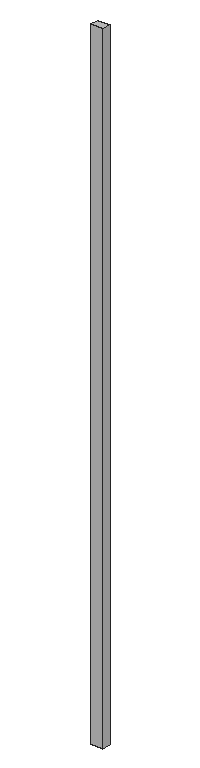
Revit family "STC_A3-conc-block-pier-21150-high", category Generic Models, host Wall, Revit 2016
Family settings
  Host = Wall
  Part Type = Normal
  Can host rebar = No
  Round Connector Dimension = Use Diameter
  Always vertical = Yes
  Cut with Voids When Loaded = No
  Shared = No
  Room Calculation Point = No
Parameters (values of type "16" X 9'4" Block Pier")
  WIDTH = 406.4 mm
  LEG R = 76.2 mm
  LEG L = 76.2 mm
  HEIGHT = 2844.8 mm
  GUAGE = 3.175 mm
  DEPTH L = 101.6 mm
  DEPTH R = 101.6 mm
  Assembly Code = ""
Reference planes
  plane 1: y = 0
  plane 2 "Center (Left/Right)": x = 0
  plane 3 "Wall Edge": y = 70
Forms (mm)
  Extrusion 1, solid, material "Masonry - Concrete Block"
    sketch origin (0, 13.988, 0) x (1, 0, 0) y (0, 1, 0)
      loop
        line (-200, 316.013) -> (-200, 56.012) -> (200, 56.012) -> (200, 316.013) -> (-200, 316.013)
    from 0 to 21100
Text (mm)
  text "Placement Side" at (0, 1019.848, 3124.603), in view "Right"
  text "Placement Side" at (-1787.662, 723.012, 0), in view "Ref. Level"
  text "Placement Side" at (0, 2073.289, 3571.227), in view "Left"
Dimensions and locks
  locked: plane 3 "Wall Edge" to host wall
  level to Extrusion 1 = 21100 mm
